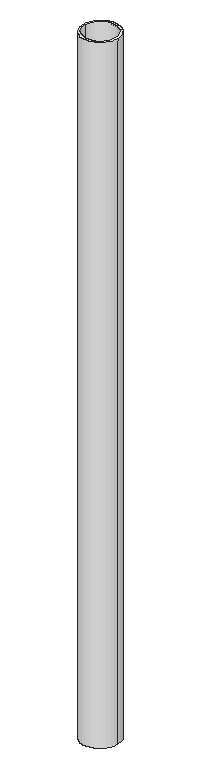
Revit family "CISC HS Pipe Shapes-Column", category 구조 기둥, Revit 2026
Family settings
  단면 모양 = 정의되지 않음
  모델 동작 재료 = 스틸
  항상 형상으로 내보내기 = 아니오
  평면의 보 전환 = 형상에서
  로드될 때 보이드를 사용하여 절단 = 아니오
  기호 표현 = 프로젝트 설정에서
  공유 = 아니오
  평면도에서 미리 절단된 패밀리 표시 = 예
Parameters (values of type "HSS141X8")
  Assembly Code = ""
  Structural Material [instance] = Metal - Steel - 345 MPa
  A = 0.003 m²
  W = 0.25595
  OD = 141.3 mm
  t = 8 mm
Reference planes
  plane 1 "Center (Front/Back)": y = 0
  plane 2: z = 0
  plane 3 "Center (Left/Right)": x = 0
  plane 4: x = -70.65
  plane 5: x = 70.65
  plane 6: y = 70.65
  plane 7: y = -70.65
  plane 8: x = -62.65
  plane 9: x = 62.65
Forms (mm)
  Extrusion 1, solid, material "Metal - Steel - 345 MPa" <- "Structural Material", detail levels medium+fine
    sketch origin (0, 0, 0) x (1, 0, 0) y (0, 1, 0)
      loop
        circle (0, 0) r 70.65
      loop
        circle (0, 0) r 62.65
    from 0 to 2500
Lines and regions (mm)
  symbolic lines, style "StructuralColumnStickSymbols", detail levels coarse
    curve 1: arc (-70.65, 0, 0) -> (0, -70.65, 0) -> (70.65, 0, 0) r 70.65
    curve 2: arc (70.65, 0, 0) -> (0, 70.65, 0) -> (-70.65, 0, 0) r 70.65
Dimensions and locks
  equal spacing: plane 4, plane 3 "Center (Left/Right)", plane 5
  equal spacing: plane 7, plane 1 "Center (Front/Back)", plane 6
  "OD": plane 7 to plane 6
  "OD": plane 4 to plane 5
  "t": plane 4 to plane 8
  "t": plane 9 to plane 5
  aligned and locked: level to Extrusion 1
  aligned and locked: level to plane 2
  aligned and locked: Extrusion 1 to plane 2
  aligned and locked: curve 1 to Extrusion 1
Automatic sketch dimensions
  Extrusion 1 sketch curve to plane 1 "Center (Front/Back)" = 0 mm  (x2)
  Extrusion 1 sketch curve to plane 4 = 0 mm
  Extrusion 1 sketch curve to plane 8 = 0 mm
  Extrusion 1 sketch curve to plane 3 "Center (Left/Right)" = 0 mm  (x2)
